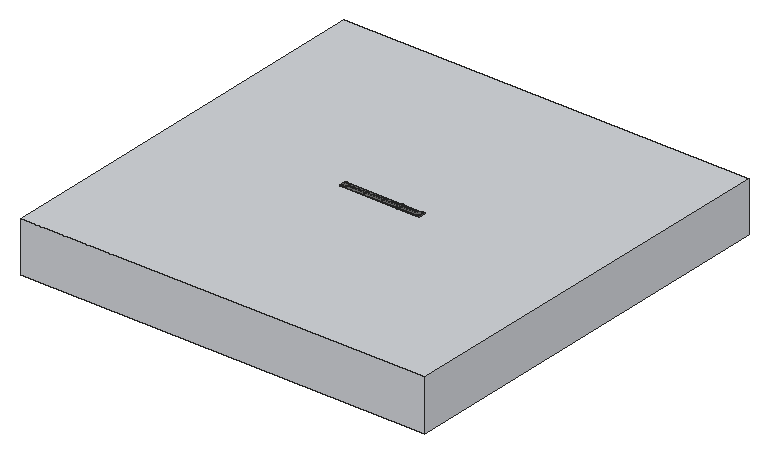
Revit family
Parameters
  Weight = 1.850 lbf
  U/M = "EA"
  U Space = "1"
  System = "Cat 6 UTP"
  Serial Number = "HD6-24"
  Segment = "COPPER"
  Ports = "24"
  Model = "PATHC PANEL"
  Metal = none
  Manufacturer = "SIEMON"
  Loaded/Empty = "Populated"
  Item Group = "PATCH PANELS"
  Item Class = "GB"
  Description = "24 PORT CAT6 PATCH PANEL UNIVERSAL WIRED,1RMS"
  Default Elevation = 4' - 0"
  Color = "Black"
Reference planes (in)
  plane 1 "Center (Front/Back)": y = 0
  plane 2: z = 0
  plane 3 "Center (Left/Right)": x = 0
Forms (in)
  Extrusion 1, solid
    sketch origin (0, 0, 0) x (1, 0, 0) y (0, 1, 0)
      loop
        line (-48, 48) -> (-48, -48) -> (48, -48) -> (48, 48) -> (-48, 48)
    from 0 to -12
Dimensions and locks (in)
  aligned and locked: plane 2 to Extrusion 1
  aligned and locked: level to Extrusion 1
Nested families (in)
  nested 1: "HD6-24[1]" at (0, -0.2561, -0.68292), type "HD6-24[1]"
Definition of nested family "HD6-24[1]"
  Parameters (values of type "HD6-24[1]")
    Weight = "0.7 kgs (1.5 lbs)"
    UL Rating = "UL 1863"
    U Space / Capacity = "1U"
    Text1 = Symbol
    Text = Text
    Part Number = "HD6-24"
    Material1 = Metal
    Material = Black Anodized Aluminum
    Manufacturer Contact Info / Website = "www.siemon.com"
    Manufacturer = "Siemon"
    Dimensions (H x W x D) = "44.5mm x 483mm x 25mm\r\n(1.75 in. x 19.0 in. x 1.4 in.)"
    Description = "24-port Category 6 Copper Patch Panel"
    Clearance = "50mm (2.0 in.) Front and Rear"
    Assembly Code = ""
  Reference planes (in)
    plane 1 "Center (Front/Back)": y = 0.2561
    plane 2: z = 0
    plane 3 "Center (Left/Right)": x = 0
  Forms (in)
    Extrusion 1, solid, material "Black Anodized Aluminum" <- "Material"
      sketch origin (0, -0.42683, 0.68292) x (1, 0, 0) y (0, 1, 0)
        loop
          arc (7.64502, 0.3175) -> (7.63087, 0.31164) -> (7.62502, 0.2975) r 0.02
          line (7.62502, 0.2975) -> (7.62502, -0.2975)
          arc (7.62502, -0.2975) -> (7.63087, -0.31164) -> (7.64502, -0.3175) r 0.02
          line (7.64502, -0.3175) -> (8.21002, -0.3175)
          arc (8.21002, -0.3175) -> (8.22416, -0.31164) -> (8.23002, -0.2975) r 0.02
          line (8.23002, -0.2975) -> (8.23002, 0.2975)
          arc (8.23002, 0.2975) -> (8.22416, 0.31164) -> (8.21002, 0.3175) r 0.02
          line (8.21002, 0.3175) -> (7.64502, 0.3175)
        loop
          line (7.69552, 0.1125) -> (7.69552, -0.29778) -> (8.15952, -0.29778) -> (8.15952, 0.1125) -> (7.69552, 0.1125)
        loop
          arc (7.02702, 0.3175) -> (7.01287, 0.31164) -> (7.00702, 0.2975) r 0.02
          line (7.00702, 0.2975) -> (7.00702, -0.2975)
          arc (7.00702, -0.2975) -> (7.01287, -0.31164) -> (7.02702, -0.3175) r 0.02
          line (7.02702, -0.3175) -> (7.59202, -0.3175)
          arc (7.59202, -0.3175) -> (7.60616, -0.31164) -> (7.61202, -0.2975) r 0.02
          line (7.61202, -0.2975) -> (7.61202, 0.2975)
          arc (7.61202, 0.2975) -> (7.60616, 0.31164) -> (7.59202, 0.3175) r 0.02
          line (7.59202, 0.3175) -> (7.02702, 0.3175)
        loop
          line (7.07752, 0.1125) -> (7.07752, -0.29778) -> (7.54152, -0.29778) -> (7.54152, 0.1125) -> (7.07752, 0.1125)
        loop
          arc (6.40901, 0.3175) -> (6.39487, 0.31164) -> (6.38901, 0.2975) r 0.02
          line (6.38901, 0.2975) -> (6.38901, -0.2975)
          arc (6.38901, -0.2975) -> (6.39487, -0.31164) -> (6.40901, -0.3175) r 0.02
          line (6.40901, -0.3175) -> (6.97402, -0.3175)
          arc (6.97402, -0.3175) -> (6.98816, -0.31164) -> (6.99402, -0.2975) r 0.02
          line (6.99402, -0.2975) -> (6.99402, 0.2975)
          arc (6.99402, 0.2975) -> (6.98816, 0.31164) -> (6.97402, 0.3175) r 0.02
          line (6.97402, 0.3175) -> (6.40901, 0.3175)
        loop
          line (6.45951, 0.1125) -> (6.45951, -0.29778) -> (6.92352, -0.29778) -> (6.92352, 0.1125) -> (6.45951, 0.1125)
        loop
          arc (5.79101, 0.3175) -> (5.77687, 0.31164) -> (5.77101, 0.2975) r 0.02
          line (5.77101, 0.2975) -> (5.77101, -0.2975)
          arc (5.77101, -0.2975) -> (5.77687, -0.31164) -> (5.79101, -0.3175) r 0.02
          line (5.79101, -0.3175) -> (6.35601, -0.3175)
          arc (6.35601, -0.3175) -> (6.37016, -0.31164) -> (6.37601, -0.2975) r 0.02
          line (6.37601, -0.2975) -> (6.37601, 0.2975)
          arc (6.37601, 0.2975) -> (6.37016, 0.31164) -> (6.35601, 0.3175) r 0.02
          line (6.35601, 0.3175) -> (5.79101, 0.3175)
        loop
          line (5.84151, 0.1125) -> (5.84151, -0.29778) -> (6.30551, -0.29778) -> (6.30551, 0.1125) -> (5.84151, 0.1125)
        loop
          arc (5.17301, 0.3175) -> (5.15887, 0.31164) -> (5.15301, 0.2975) r 0.02
          line (5.15301, 0.2975) -> (5.15301, -0.2975)
          arc (5.15301, -0.2975) -> (5.15887, -0.31164) -> (5.17301, -0.3175) r 0.02
          line (5.17301, -0.3175) -> (5.73801, -0.3175)
          arc (5.73801, -0.3175) -> (5.75215, -0.31164) -> (5.75801, -0.2975) r 0.02
          line (5.75801, -0.2975) -> (5.75801, 0.2975)
          arc (5.75801, 0.2975) -> (5.75215, 0.31164) -> (5.73801, 0.3175) r 0.02
          line (5.73801, 0.3175) -> (5.17301, 0.3175)
        loop
          line (5.22351, 0.1125) -> (5.22351, -0.29778) -> (5.68751, -0.29778) -> (5.68751, 0.1125) -> (5.22351, 0.1125)
        loop
          arc (4.55501, 0.3175) -> (4.54087, 0.31164) -> (4.53501, 0.2975) r 0.02
          line (4.53501, 0.2975) -> (4.53501, -0.2975)
          arc (4.53501, -0.2975) -> (4.54087, -0.31164) -> (4.55501, -0.3175) r 0.02
          line (4.55501, -0.3175) -> (5.12001, -0.3175)
          arc (5.12001, -0.3175) -> (5.13415, -0.31164) -> (5.14001, -0.2975) r 0.02
          line (5.14001, -0.2975) -> (5.14001, 0.2975)
          arc (5.14001, 0.2975) -> (5.13415, 0.31164) -> (5.12001, 0.3175) r 0.02
          line (5.12001, 0.3175) -> (4.55501, 0.3175)
        loop
          line (4.60551, 0.1125) -> (4.60551, -0.29778) -> (5.06951, -0.29778) -> (5.06951, 0.1125) -> (4.60551, 0.1125)
        loop
          arc (3.39001, 0.3175) -> (3.37587, 0.31164) -> (3.37001, 0.2975) r 0.02
          line (3.37001, 0.2975) -> (3.37001, -0.2975)
          arc (3.37001, -0.2975) -> (3.37587, -0.31164) -> (3.39001, -0.3175) r 0.02
          line (3.39001, -0.3175) -> (3.95501, -0.3175)
          arc (3.95501, -0.3175) -> (3.96915, -0.31164) -> (3.97501, -0.2975) r 0.02
          line (3.97501, -0.2975) -> (3.97501, 0.2975)
          arc (3.97501, 0.2975) -> (3.96915, 0.31164) -> (3.95501, 0.3175) r 0.02
          line (3.95501, 0.3175) -> (3.39001, 0.3175)
        loop
          line (3.44051, 0.1125) -> (3.44051, -0.29778) -> (3.90451, -0.29778) -> (3.90451, 0.1125) -> (3.44051, 0.1125)
        loop
          arc (2.77201, 0.3175) -> (2.75786, 0.31164) -> (2.75201, 0.2975) r 0.02
          line (2.75201, 0.2975) -> (2.75201, -0.2975)
          arc (2.75201, -0.2975) -> (2.75786, -0.31164) -> (2.77201, -0.3175) r 0.02
          line (2.77201, -0.3175) -> (3.33701, -0.3175)
          arc (3.33701, -0.3175) -> (3.35115, -0.31164) -> (3.35701, -0.2975) r 0.02
          line (3.35701, -0.2975) -> (3.35701, 0.2975)
          arc (3.35701, 0.2975) -> (3.35115, 0.31164) -> (3.33701, 0.3175) r 0.02
          line (3.33701, 0.3175) -> (2.77201, 0.3175)
        loop
          line (2.82251, 0.1125) -> (2.82251, -0.29778) -> (3.28651, -0.29778) -> (3.28651, 0.1125) -> (2.82251, 0.1125)
        loop
          arc (2.154, 0.3175) -> (2.13986, 0.31164) -> (2.134, 0.2975) r 0.02
          line (2.134, 0.2975) -> (2.134, -0.2975)
          arc (2.134, -0.2975) -> (2.13986, -0.31164) -> (2.154, -0.3175) r 0.02
          line (2.154, -0.3175) -> (2.71901, -0.3175)
          arc (2.71901, -0.3175) -> (2.73315, -0.31164) -> (2.73901, -0.2975) r 0.02
          line (2.73901, -0.2975) -> (2.73901, 0.2975)
          arc (2.73901, 0.2975) -> (2.73315, 0.31164) -> (2.71901, 0.3175) r 0.02
          line (2.71901, 0.3175) -> (2.154, 0.3175)
        loop
          line (2.2045, 0.1125) -> (2.2045, -0.29778) -> (2.66851, -0.29778) -> (2.66851, 0.1125) -> (2.2045, 0.1125)
        loop
          arc (1.536, 0.3175) -> (1.52186, 0.31164) -> (1.516, 0.2975) r 0.02
          line (1.516, 0.2975) -> (1.516, -0.2975)
          arc (1.516, -0.2975) -> (1.52186, -0.31164) -> (1.536, -0.3175) r 0.02
          line (1.536, -0.3175) -> (2.101, -0.3175)
          arc (2.101, -0.3175) -> (2.11515, -0.31164) -> (2.121, -0.2975) r 0.02
          line (2.121, -0.2975) -> (2.121, 0.2975)
          arc (2.121, 0.2975) -> (2.11515, 0.31164) -> (2.101, 0.3175) r 0.02
          line (2.101, 0.3175) -> (1.536, 0.3175)
        loop
          line (1.5865, 0.1125) -> (1.5865, -0.29778) -> (2.0505, -0.29778) -> (2.0505, 0.1125) -> (1.5865, 0.1125)
        loop
          arc (0.918, 0.3175) -> (0.90386, 0.31164) -> (0.898, 0.2975) r 0.02
          line (0.898, 0.2975) -> (0.898, -0.2975)
          arc (0.898, -0.2975) -> (0.90386, -0.31164) -> (0.918, -0.3175) r 0.02
          line (0.918, -0.3175) -> (1.483, -0.3175)
          arc (1.483, -0.3175) -> (1.49715, -0.31164) -> (1.503, -0.2975) r 0.02
          line (1.503, -0.2975) -> (1.503, 0.2975)
          arc (1.503, 0.2975) -> (1.49715, 0.31164) -> (1.483, 0.3175) r 0.02
          line (1.483, 0.3175) -> (0.918, 0.3175)
        loop
          line (0.9685, 0.1125) -> (0.9685, -0.29778) -> (1.4325, -0.29778) -> (1.4325, 0.1125) -> (0.9685, 0.1125)
        loop
          arc (0.3, 0.3175) -> (0.28586, 0.31164) -> (0.28, 0.2975) r 0.02
          line (0.28, 0.2975) -> (0.28, -0.2975)
          arc (0.28, -0.2975) -> (0.28586, -0.31164) -> (0.3, -0.3175) r 0.02
          line (0.3, -0.3175) -> (0.865, -0.3175)
          arc (0.865, -0.3175) -> (0.87914, -0.31164) -> (0.885, -0.2975) r 0.02
          line (0.885, -0.2975) -> (0.885, 0.2975)
          arc (0.885, 0.2975) -> (0.87914, 0.31164) -> (0.865, 0.3175) r 0.02
          line (0.865, 0.3175) -> (0.3, 0.3175)
        loop
          line (0.3505, 0.1125) -> (0.3505, -0.29778) -> (0.8145, -0.29778) -> (0.8145, 0.1125) -> (0.3505, 0.1125)
        loop
          arc (-0.865, 0.3175) -> (-0.87914, 0.31164) -> (-0.885, 0.2975) r 0.02
          line (-0.885, 0.2975) -> (-0.885, -0.2975)
          arc (-0.885, -0.2975) -> (-0.87914, -0.31164) -> (-0.865, -0.3175) r 0.02
          line (-0.865, -0.3175) -> (-0.3, -0.3175)
          arc (-0.3, -0.3175) -> (-0.28586, -0.31164) -> (-0.28, -0.2975) r 0.02
          line (-0.28, -0.2975) -> (-0.28, 0.2975)
          arc (-0.28, 0.2975) -> (-0.28586, 0.31164) -> (-0.3, 0.3175) r 0.02
          line (-0.3, 0.3175) -> (-0.865, 0.3175)
        loop
          line (-0.8145, 0.1125) -> (-0.8145, -0.29778) -> (-0.3505, -0.29778) -> (-0.3505, 0.1125) -> (-0.8145, 0.1125)
        loop
          arc (-1.483, 0.3175) -> (-1.49715, 0.31164) -> (-1.503, 0.2975) r 0.02
          line (-1.503, 0.2975) -> (-1.503, -0.2975)
          arc (-1.503, -0.2975) -> (-1.49715, -0.31164) -> (-1.483, -0.3175) r 0.02
          line (-1.483, -0.3175) -> (-0.918, -0.3175)
          arc (-0.918, -0.3175) -> (-0.90386, -0.31164) -> (-0.898, -0.2975) r 0.02
          line (-0.898, -0.2975) -> (-0.898, 0.2975)
          arc (-0.898, 0.2975) -> (-0.90386, 0.31164) -> (-0.918, 0.3175) r 0.02
          line (-0.918, 0.3175) -> (-1.483, 0.3175)
        loop
          line (-1.4325, 0.1125) -> (-1.4325, -0.29778) -> (-0.9685, -0.29778) -> (-0.9685, 0.1125) -> (-1.4325, 0.1125)
        loop
          arc (-2.101, 0.3175) -> (-2.11515, 0.31164) -> (-2.121, 0.2975) r 0.02
          line (-2.121, 0.2975) -> (-2.121, -0.2975)
          arc (-2.121, -0.2975) -> (-2.11515, -0.31164) -> (-2.101, -0.3175) r 0.02
          line (-2.101, -0.3175) -> (-1.536, -0.3175)
          arc (-1.536, -0.3175) -> (-1.52186, -0.31164) -> (-1.516, -0.2975) r 0.02
          line (-1.516, -0.2975) -> (-1.516, 0.2975)
          arc (-1.516, 0.2975) -> (-1.52186, 0.31164) -> (-1.536, 0.3175) r 0.02
          line (-1.536, 0.3175) -> (-2.101, 0.3175)
        loop
          line (-2.0505, 0.1125) -> (-2.0505, -0.29778) -> (-1.5865, -0.29778) -> (-1.5865, 0.1125) -> (-2.0505, 0.1125)
        loop
          arc (-2.71901, 0.3175) -> (-2.73315, 0.31164) -> (-2.73901, 0.2975) r 0.02
          line (-2.73901, 0.2975) -> (-2.73901, -0.2975)
          arc (-2.73901, -0.2975) -> (-2.73315, -0.31164) -> (-2.71901, -0.3175) r 0.02
          line (-2.71901, -0.3175) -> (-2.154, -0.3175)
          arc (-2.154, -0.3175) -> (-2.13986, -0.31164) -> (-2.134, -0.2975) r 0.02
          line (-2.134, -0.2975) -> (-2.134, 0.2975)
          arc (-2.134, 0.2975) -> (-2.13986, 0.31164) -> (-2.154, 0.3175) r 0.02
          line (-2.154, 0.3175) -> (-2.71901, 0.3175)
        loop
          line (-2.66851, 0.1125) -> (-2.66851, -0.29778) -> (-2.2045, -0.29778) -> (-2.2045, 0.1125) -> (-2.66851, 0.1125)
        loop
          arc (-3.33701, 0.3175) -> (-3.35115, 0.31164) -> (-3.35701, 0.2975) r 0.02
          line (-3.35701, 0.2975) -> (-3.35701, -0.2975)
          arc (-3.35701, -0.2975) -> (-3.35115, -0.31164) -> (-3.33701, -0.3175) r 0.02
          line (-3.33701, -0.3175) -> (-2.77201, -0.3175)
          arc (-2.77201, -0.3175) -> (-2.75786, -0.31164) -> (-2.75201, -0.2975) r 0.02
          line (-2.75201, -0.2975) -> (-2.75201, 0.2975)
          arc (-2.75201, 0.2975) -> (-2.75786, 0.31164) -> (-2.77201, 0.3175) r 0.02
          line (-2.77201, 0.3175) -> (-3.33701, 0.3175)
        loop
          line (-3.28651, 0.1125) -> (-3.28651, -0.29778) -> (-2.82251, -0.29778) -> (-2.82251, 0.1125) -> (-3.28651, 0.1125)
        loop
          arc (-3.95501, 0.3175) -> (-3.96915, 0.31164) -> (-3.97501, 0.2975) r 0.02
          line (-3.97501, 0.2975) -> (-3.97501, -0.2975)
          arc (-3.97501, -0.2975) -> (-3.96915, -0.31164) -> (-3.95501, -0.3175) r 0.02
          line (-3.95501, -0.3175) -> (-3.39001, -0.3175)
          arc (-3.39001, -0.3175) -> (-3.37587, -0.31164) -> (-3.37001, -0.2975) r 0.02
          line (-3.37001, -0.2975) -> (-3.37001, 0.2975)
          arc (-3.37001, 0.2975) -> (-3.37587, 0.31164) -> (-3.39001, 0.3175) r 0.02
          line (-3.39001, 0.3175) -> (-3.95501, 0.3175)
        loop
          line (-3.90451, 0.1125) -> (-3.90451, -0.29778) -> (-3.44051, -0.29778) -> (-3.44051, 0.1125) -> (-3.90451, 0.1125)
        loop
          arc (-5.12001, 0.3175) -> (-5.13415, 0.31164) -> (-5.14001, 0.2975) r 0.02
          line (-5.14001, 0.2975) -> (-5.14001, -0.2975)
          arc (-5.14001, -0.2975) -> (-5.13415, -0.31164) -> (-5.12001, -0.3175) r 0.02
          line (-5.12001, -0.3175) -> (-4.55501, -0.3175)
          arc (-4.55501, -0.3175) -> (-4.54087, -0.31164) -> (-4.53501, -0.2975) r 0.02
          line (-4.53501, -0.2975) -> (-4.53501, 0.2975)
          arc (-4.53501, 0.2975) -> (-4.54087, 0.31164) -> (-4.55501, 0.3175) r 0.02
          line (-4.55501, 0.3175) -> (-5.12001, 0.3175)
        loop
          line (-5.06951, -0.29778) -> (-4.60551, -0.29778) -> (-4.60551, 0.1125) -> (-5.06951, 0.1125) -> (-5.06951, -0.29778)
        loop
          arc (-5.73801, 0.3175) -> (-5.75215, 0.31164) -> (-5.75801, 0.2975) r 0.02
          line (-5.75801, 0.2975) -> (-5.75801, -0.2975)
          arc (-5.75801, -0.2975) -> (-5.75215, -0.31164) -> (-5.73801, -0.3175) r 0.02
          line (-5.73801, -0.3175) -> (-5.17301, -0.3175)
          arc (-5.17301, -0.3175) -> (-5.15887, -0.31164) -> (-5.15301, -0.2975) r 0.02
          line (-5.15301, -0.2975) -> (-5.15301, 0.2975)
          arc (-5.15301, 0.2975) -> (-5.15887, 0.31164) -> (-5.17301, 0.3175) r 0.02
          line (-5.17301, 0.3175) -> (-5.73801, 0.3175)
        loop
          line (-5.68751, -0.29778) -> (-5.22351, -0.29778) -> (-5.22351, 0.1125) -> (-5.68751, 0.1125) -> (-5.68751, -0.29778)
        loop
          arc (-6.35601, 0.3175) -> (-6.37016, 0.31164) -> (-6.37601, 0.2975) r 0.02
          line (-6.37601, 0.2975) -> (-6.37601, -0.2975)
          arc (-6.37601, -0.2975) -> (-6.37016, -0.31164) -> (-6.35601, -0.3175) r 0.02
          line (-6.35601, -0.3175) -> (-5.79101, -0.3175)
          arc (-5.79101, -0.3175) -> (-5.77687, -0.31164) -> (-5.77101, -0.2975) r 0.02
          line (-5.77101, -0.2975) -> (-5.77101, 0.2975)
          arc (-5.77101, 0.2975) -> (-5.77687, 0.31164) -> (-5.79101, 0.3175) r 0.02
          line (-5.79101, 0.3175) -> (-6.35601, 0.3175)
        loop
          line (-6.30551, -0.29778) -> (-5.84151, -0.29778) -> (-5.84151, 0.1125) -> (-6.30551, 0.1125) -> (-6.30551, -0.29778)
        loop
          arc (-6.97402, 0.3175) -> (-6.98816, 0.31164) -> (-6.99402, 0.2975) r 0.02
          line (-6.99402, 0.2975) -> (-6.99402, -0.2975)
          arc (-6.99402, -0.2975) -> (-6.98816, -0.31164) -> (-6.97402, -0.3175) r 0.02
          line (-6.97402, -0.3175) -> (-6.40901, -0.3175)
          arc (-6.40901, -0.3175) -> (-6.39487, -0.31164) -> (-6.38901, -0.2975) r 0.02
          line (-6.38901, -0.2975) -> (-6.38901, 0.2975)
          arc (-6.38901, 0.2975) -> (-6.39487, 0.31164) -> (-6.40901, 0.3175) r 0.02
          line (-6.40901, 0.3175) -> (-6.97402, 0.3175)
        loop
          line (-6.92352, -0.29778) -> (-6.45951, -0.29778) -> (-6.45951, 0.1125) -> (-6.92352, 0.1125) -> (-6.92352, -0.29778)
        loop
          arc (-7.59202, 0.3175) -> (-7.60616, 0.31164) -> (-7.61202, 0.2975) r 0.02
          line (-7.61202, 0.2975) -> (-7.61202, -0.2975)
          arc (-7.61202, -0.2975) -> (-7.60616, -0.31164) -> (-7.59202, -0.3175) r 0.02
          line (-7.59202, -0.3175) -> (-7.02702, -0.3175)
          arc (-7.02702, -0.3175) -> (-7.01287, -0.31164) -> (-7.00702, -0.2975) r 0.02
          line (-7.00702, -0.2975) -> (-7.00702, 0.2975)
          arc (-7.00702, 0.2975) -> (-7.01287, 0.31164) -> (-7.02702, 0.3175) r 0.02
          line (-7.02702, 0.3175) -> (-7.59202, 0.3175)
        loop
          line (-7.54152, -0.29778) -> (-7.07752, -0.29778) -> (-7.07752, 0.1125) -> (-7.54152, 0.1125) -> (-7.54152, -0.29778)
        loop
          arc (-8.21002, 0.3175) -> (-8.22416, 0.31164) -> (-8.23002, 0.2975) r 0.02
          line (-8.23002, 0.2975) -> (-8.23002, -0.2975)
          arc (-8.23002, -0.2975) -> (-8.22416, -0.31164) -> (-8.21002, -0.3175) r 0.02
          line (-8.21002, -0.3175) -> (-7.64502, -0.3175)
          arc (-7.64502, -0.3175) -> (-7.63087, -0.31164) -> (-7.62502, -0.2975) r 0.02
          line (-7.62502, -0.2975) -> (-7.62502, 0.2975)
          arc (-7.62502, 0.2975) -> (-7.63087, 0.31164) -> (-7.64502, 0.3175) r 0.02
          line (-7.64502, 0.3175) -> (-8.21002, 0.3175)
        loop
          line (-8.15952, -0.29778) -> (-7.69552, -0.29778) -> (-7.69552, 0.1125) -> (-8.15952, 0.1125) -> (-8.15952, -0.29778)
      from -0.666 to -0.01636
    Extrusion 2, solid, material "Black Anodized Aluminum" <- "Material"
      sketch origin (0, -0.42683, 0.90258) x (1, 0, 0) y (0, 1, 0)
        loop
          arc (-9.50002, -0.75) -> (-9.46487, -0.83485) -> (-9.38002, -0.87) r 0.12
          line (-9.38002, -0.87) -> (-8.72502, -0.87) -> (-8.72502, -0.76) -> (-8.62502, -0.76) -> (-8.62502, -0.87) -> (8.62502, -0.87) -> (8.62502, -0.76) -> (8.72502, -0.76) -> (8.72502, -0.87) -> (9.38002, -0.87)
          arc (9.38002, -0.87) -> (9.46487, -0.83485) -> (9.50002, -0.75) r 0.12
          line (9.50002, -0.75) -> (9.50002, 0.75)
          arc (9.50002, 0.75) -> (9.46487, 0.83485) -> (9.38002, 0.87) r 0.12
          line (9.38002, 0.87) -> (8.75002, 0.87) -> (8.75002, 0.682) -> (-8.75002, 0.682) -> (-8.75002, 0.87) -> (-9.38002, 0.87)
          arc (-9.38002, 0.87) -> (-9.46487, 0.83485) -> (-9.50002, 0.75) r 0.12
          line (-9.50002, 0.75) -> (-9.50002, -0.75)
        loop
          arc (-9.22702, -0.48) -> (-9.36702, -0.62) -> (-9.22702, -0.76) r 0.14
          line (-9.22702, -0.76) -> (-9.10102, -0.76)
          arc (-9.10102, -0.76) -> (-8.96102, -0.62) -> (-9.10102, -0.48) r 0.14
          line (-9.10102, -0.48) -> (-9.22702, -0.48)
        loop
          arc (-9.22702, 0.784) -> (-9.36702, 0.644) -> (-9.22702, 0.504) r 0.14
          line (-9.22702, 0.504) -> (-9.10102, 0.504)
          arc (-9.10102, 0.504) -> (-8.96102, 0.644) -> (-9.10102, 0.784) r 0.14
          line (-9.10102, 0.784) -> (-9.22702, 0.784)
        loop
          line (-4.52751, 0.3225) -> (-8.24352, 0.3225) -> (-8.24352, -0.3225) -> (-4.52751, -0.3225) -> (-4.52751, 0.3225)
        loop
          line (-0.2725, 0.3225) -> (-3.98851, 0.3225) -> (-3.98851, -0.3225) -> (-0.2725, -0.3225) -> (-0.2725, 0.3225)
        loop
          line (3.98251, 0.3225) -> (0.2665, 0.3225) -> (0.2665, -0.3225) -> (3.98251, -0.3225) -> (3.98251, 0.3225)
        loop
          line (8.23752, 0.3225) -> (4.52151, 0.3225) -> (4.52151, -0.3225) -> (8.23752, -0.3225) -> (8.23752, 0.3225)
        loop
          arc (9.10102, 0.784) -> (8.96102, 0.644) -> (9.10102, 0.504) r 0.14
          line (9.10102, 0.504) -> (9.22702, 0.504)
          arc (9.22702, 0.504) -> (9.36702, 0.644) -> (9.22702, 0.784) r 0.14
          line (9.22702, 0.784) -> (9.10102, 0.784)
        loop
          arc (9.10102, -0.48) -> (8.96102, -0.62) -> (9.10102, -0.76) r 0.14
          line (9.10102, -0.76) -> (9.22702, -0.76)
          arc (9.22702, -0.76) -> (9.36702, -0.62) -> (9.22702, -0.48) r 0.14
          line (9.22702, -0.48) -> (9.10102, -0.48)
      from -0.07992 to 0.02008
    Extrusion 3, solid, material "Black Anodized Aluminum" <- "Material"
      sketch origin (0, -0.41183, 0.94602) x (0, 0, -1) y (0, -1, 0)
        loop
          arc (0.14336, -0.687) -> (0.12922, -0.69286) -> (0.12336, -0.707) r 0.02
          line (0.12336, -0.707) -> (0.12336, -0.753)
          arc (0.12336, -0.753) -> (0.12922, -0.76714) -> (0.14336, -0.773) r 0.02
          line (0.14336, -0.773) -> (0.18333, -0.773) -> (0.18333, -0.687) -> (0.14336, -0.687)
        loop
          arc (0.14336, 0.773) -> (0.12922, 0.76714) -> (0.12336, 0.753) r 0.02
          line (0.12336, 0.753) -> (0.12336, 0.707)
          arc (0.12336, 0.707) -> (0.12922, 0.69286) -> (0.14336, 0.687) r 0.02
          line (0.14336, 0.687) -> (0.18333, 0.687) -> (0.18333, 0.773) -> (0.14336, 0.773)
      from -4.56954 to -3.93668
  Lines and regions (in)
    reference lines
      curve 1: line (-9.17323, 0.2561, 1.97166) -> (-9.17323, 0.2561, -2.1622)
      curve 2: line (9.17323, 0.2561, 1.97166) -> (9.17323, 0.2561, -2.1622)
      curve 3: line (-10.23113, 0.2561, 0.68292) -> (10.83186, 0.2561, 0.68292)
  Dimensions and locks (in)
    curve 1 to plane 3 "Center (Left/Right)" = 0' - 9.17323"
    plane 3 "Center (Left/Right)" to curve 2 = 0' - 9.17323"
